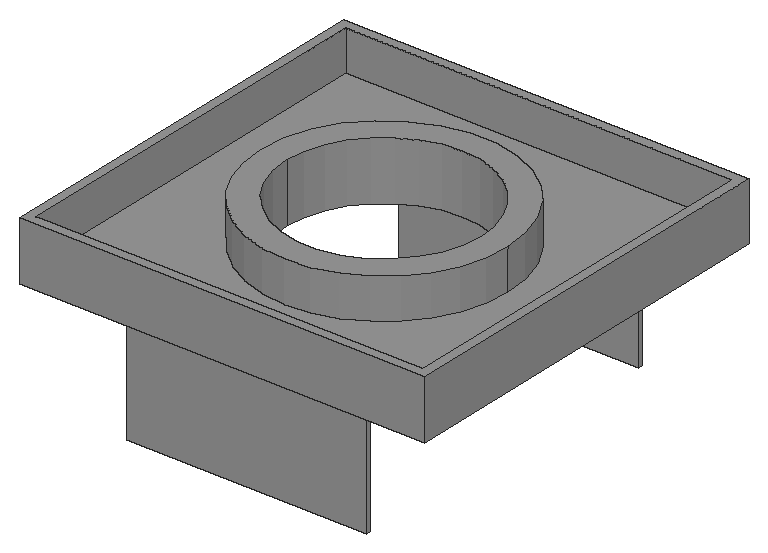
Revit family "Nivellierbare Kassette für Tubus, RKFNUZD3, 20-25, 4", category Generic Models, Revit 2015
Parameters (values of type "RKFN2 UZD3 4VS20")
  Width = 199 mm
  URL = "http://www.obo-bettermann.com"
  Material = Stainless Steel, Polished
  Manufacturer Art.No. = "7409372"
  Manufacturer = "OBO Bettermann"
  Length = 199 mm
  Height 1 = 29 mm
  Height = 90 mm
  GTIN = "4012195869092"
  Cut depth = 20 mm
  Article Type = "RKFN2 UZD3 4VS20"
Types (3, lengths in mm): name | Manufacturer Art.No. | Height | GTIN | Cut depth | Article Type
  (no name) | "7409372" | 90 | "4012195869092" | 20 | "RKFN2 UZD3 4VS20"
  RKFN2 UZD3 4VS20 | "7409372" | 90 | "4012195869092" | 20 | "RKFN2 UZD3 4VS20"
  RKFN2 UZD3 4VS25 | "7409374" | 95 | "4012195869108" | 25 | "RKFN2 UZD3 4VS25"
Reference planes
  plane 1 "Center (Front/Back)": y = 0
  plane 2: z = 0
  plane 3 "Center (Left/Right)": x = 0
  plane 4: z = 61
  plane 5: y = 99.5
  plane 6: y = -99.5
  plane 7: z = 90
  plane 8: z = 70
Forms (mm)
  Extrusion 1, solid, material "Stainless Steel, Polished" <- "Material"
    sketch origin (0, 0, 0) x (1, 0, 0) y (0, 0, 1)
      loop
        line (-99.5, 90) -> (-99.5, 61) -> (99.5, 61) -> (99.5, 90) -> (-99.5, 90)
    from -99.5 to 99.5
  Extrusion 2, solid, material "Stainless Steel, Polished" <- "Material"
    sketch origin (0, 0, 0) x (1, 0, 0) y (0, 1, 0)
      loop
        line (-59, 84.5) -> (-59, 82.5) -> (59, 82.5) -> (59, 84.5) -> (-59, 84.5)
      loop
        line (-59, -82.5) -> (-59, -84.5) -> (59, -84.5) -> (59, -82.5) -> (-59, -82.5)
    from 0 to 61
  Extrusion 3, void
    sketch origin (0, 0, 0) x (1, 0, 0) y (0, 1, 0)
      loop
        line (-95.3, 95.3) -> (-95.3, -95.3) -> (95.3, -95.3) -> (95.3, 95.3) -> (-95.3, 95.3)
      loop
        circle (0, 0) r 61
    from 70 to 90
  Extrusion 4, void
    sketch origin (0, 0, 0) x (1, 0, 0) y (0, 1, 0)
      loop
        circle (0, 0) r 47.77
    from 61 to 90
Cuts and joins
  Extrusion 3, Extrusion 4 cuts Extrusion 1
  Extrusion 3 cuts Extrusion 2
Dimensions and locks
  "Width": Extrusion 1 sketch curve to Extrusion 1 sketch curve
  locked: plane 3 "Center (Left/Right)" to Extrusion 1 sketch curve at 99.5
  locked: Extrusion 1 sketch curve to Extrusion 1 sketch curve at 29
  "Height 1": plane 7 to plane 4
  locked: Extrusion 2 sketch curve to Extrusion 2 sketch curve at 118  (x2)
  equal spacing: Extrusion 2 sketch curve, plane 3 "Center (Left/Right)", Extrusion 2 sketch curve, locked at 59 each  (x2)
  locked: Extrusion 2 sketch curve to Extrusion 1 at 15  (x2)
  locked: Extrusion 2 sketch curve to Extrusion 2 sketch curve at 2  (x2)
  locked: Extrusion 3 sketch curve to Extrusion 3 sketch curve at 190.6  (x2)
  equal spacing: Extrusion 3 sketch curve, plane 3 "Center (Left/Right)", Extrusion 3 sketch curve, locked at 95.3 each
  equal spacing: Extrusion 3 sketch curve, plane 1 "Center (Front/Back)", Extrusion 3 sketch curve, locked at 95.3 each
  "Cut depth": plane 7 to plane 8
  "Length": plane 5 to plane 6
  equal spacing: plane 5, plane 1 "Center (Front/Back)", plane 6, locked at 99.5 each
  "Height": plane 7 to level
  aligned and locked: level to plane 2
  aligned and locked: plane 4 to Extrusion 1 sketch curve
  aligned and locked: plane 6 to Extrusion 1
  aligned and locked: Extrusion 1 to plane 5
  aligned and locked: plane 7 to Extrusion 1
  aligned and locked: cut or joined group of Extrusion 1, Extrusion 3, Extrusion 4 to Extrusion 3
  aligned and locked: Extrusion 3 to plane 8
  aligned and locked: Extrusion 1 to Extrusion 4  (x2)
  aligned and locked: Extrusion 2 to level
  aligned and locked: plane 4 to Extrusion 2
Automatic sketch dimensions
  plane 1 "Center (Front/Back)" to Extrusion 3 sketch curve = 0 mm
  Extrusion 3 sketch curve to plane 3 "Center (Left/Right)" = 0 mm
  plane 1 "Center (Front/Back)" to Extrusion 4 sketch curve = 0 mm
  Extrusion 4 sketch curve to plane 3 "Center (Left/Right)" = 0 mm
  radius of Extrusion 3 sketch curve = 61 mm
  radius of Extrusion 4 sketch curve = 47.77 mm
